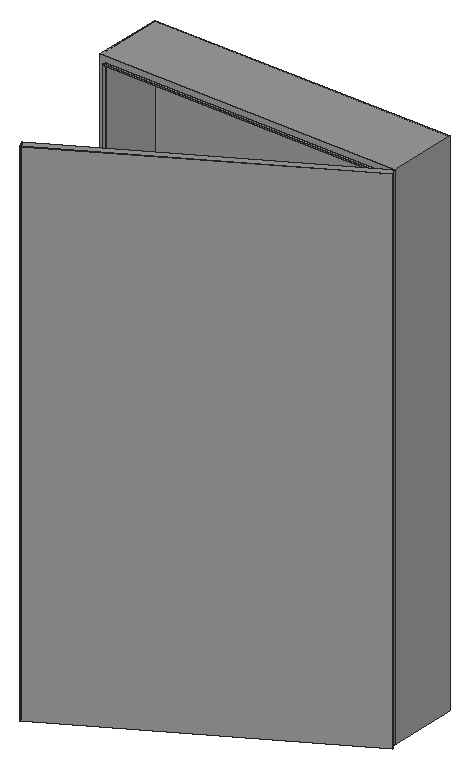
Revit family "Hager-Univers-IP44-D205-H1400-Cl.II-Encl-NoHosted-PL-pl", category Electrical Equipment, Revit 2020
Family settings
  Panel Configuration = Two Columns, Circuits Across
  Round Connector Dimension = Use Diameter
  Part Type = Panelboard
  Work Plane-Based = Yes
  Always vertical = Yes
  Cut with Voids When Loaded = No
  Shared = No
  Room Calculation Point = No
Parameters (values of type "Montaż natynkowy IP44 S800 W1400 G205  - FP93SN2")
  Width Control [instance] = if([EF000008 - Szerokość] > Min Width, [EF000008 - Szerokość], Min Width)  # 800 mm
  Type Comments = [HG000003 - Zakres]  # "Univers"
  Thickness Door [instance] = if([EF009171 - Drzwi/pokrywa z materiału o wysokiej wytrzymałości mechanicznej] > 3 mm, 3 mm, [EF009171 - Drzwi/pokrywa z materiału o wysokiej wytrzymałości mechanicznej])  # 1 mm
  Seal Frame Offset [instance] = 17 mm  # constant formula
  Plinth Visibility [instance] = [HG000027 - Wysokość cokołu] > 0 mm  # no
  Min Width [instance] = 100 mm  # constant formula
  Min Depth [instance] = (2 * [EF009170 - Obudowa z materiału o wysokiej wytrzymałości mechanicznej]) + 1 mm  # 3 mm
  Min Height [instance] = 100 mm  # constant formula
  Internal Frame Depth [instance] = (Door System Depth * 0.5)  # 9 mm
  Panel Name [instance] = ""  # (empty or 0)
  Model = ""
  HG000027 - Wysokość cokołu = 0 mm
  HG000026 - Stojąca = no
  HG000024 - Wysokość części dolnej = 600 mm
  HG000023 - Obudowa dwusekcyjna = no
  HG000016 - Widoczność drzwi w widoku 3D [instance] = yes
  HG000015 - Przestrzeń robocza - otwarcie drzwi [instance] = no
  HG000014 - Drzwi prawe [instance] = yes
  HG000013 - Drzwi lewe [instance] = not([HG000014 - Drzwi prawe])  # no
  HG000012 - Kąt otwarcia drzwi [instance] = 30.00°
  HG000010 - Drzwi asymetryczne = no
  HG000009 - Drzwi dwuskrzydłowe = no
  HG000006 - Montaż podtynkowy = no
  HG000004 - Referencja producenta = "FP93SN2"
  HG000003 - Zakres = "Univers"
  HG000002 - Z drzwiami lub pokrywą = yes
  Frame Offset Bottom [instance] = 10 mm  # constant formula
  Frame Offset [instance] = 15 mm  # constant formula
  EF015940 - Pokrywa z wyzwalaczem nadciśnieniowym = no
  EF011959 - Stopień ochrony (NEMA) = ""
  EF009554 - Liczba otworów pod flansze = 6
  EF009212 - Wykonanie pokrywy = "EV000116 - Zamknięty"
  EF009171 - Drzwi/pokrywa z materiału o wysokiej wytrzymałości mechanicznej = 1 mm
  EF009170 - Obudowa z materiału o wysokiej wytrzymałości mechanicznej = 1 mm
  EF008873 - Prąd znamionowy (In) = 250 A
  EF007800 - Do ochrony odgromowej = no
  EF006306 - Z zamkiem = no
  EF006244 - Transparentna pokrywa/drzwi = no
  EF005474 - Stopień ochrony (IP) = "EV006418 - IP44"
  EF004464 - Rodzaj drzwi = "EV002646 - Pojedynczy"
  EF004427 - Liczba modułów = 324
  EF004293 - Odporność udarowa = "EV006815 - IK09"
  EF003532 - Do zastosowań zewnętrznych = no
  EF002950 - Szerokość wyrażona liczbą modułów = 36
  EF001613 - Podtrzymanie funkcji = "EV000494 - Brak"
  EF001596 - Materiał obudowy = "EV000179 - Stal"
  EF001131 - Głębokość wewnętrzna = 143 mm
  EF001088 - Możliwość rozbudowy = yes
  EF000437 - Liczba wejść kablowych = 6
  EF000339 - Rodzaj pokrywy = "EV001012 - Pokrywa"
  EF000266 - Liczba rzędów = 9
  EF000218 - Głębokość wbudowania = 205 mm
  EF000118 - Z płytą montażową = no
  EF000116 - Numer RAL = "9010"
  EF000049 - Głębokość = 205 mm
  EF000040 - Wysokość = 1400 mm
  EF000008 - Szerokość = 800 mm
  EF000007 - Kolor = "EV000202 - Biały"
  EF000003 - Sposób montażu = "EV000384 - Montaż natynkowy"
  Door System Leaf Tolerance [instance] = 1.5 mm  # constant formula
  Door System Depth [instance] = 18 mm  # constant formula
  Door Height [instance] = Height Control - [HG000027 - Wysokość cokołu]  # 1400 mm
  Description = ""
  Default Elevation = 1219.2 mm
  Connector Offset [instance] = Height Control / 2  # 700 mm
  Manufacturer = "Hager"  # constant formula
  Height Control [instance] = if([EF000040 - Wysokość] > Min Height, [EF000040 - Wysokość], Min Height)  # 1400 mm
  Depth Control [instance] = if([EF000049 - Głębokość] > Min Depth, [EF000049 - Głębokość], Min Depth)  # 205 mm
  Bottom Top Plate Trim [instance] = 1.5 mm  # constant formula
  Plinth height Ctrl [instance] = if([HG000027 - Wysokość cokołu] > 0 mm, [HG000027 - Wysokość cokołu], 12 mm)  # 12 mm
Types (5, lengths in mm): name | Width Control | HG000010 - Drzwi asymetryczne | HG000009 - Drzwi dwuskrzydłowe | HG000004 - Referencja producenta | EF009554 - Liczba otworów pod flansze | EF004464 - Rodzaj drzwi | EF004427 - Liczba modułów | EF002950 - Szerokość wyrażona liczbą modułów | EF001131 - Głębokość wewnętrzna | EF000437 - Liczba wejść kablowych | EF000339 - Rodzaj pokrywy | EF000008 - Szerokość
  Montaż natynkowy IP44 S1050 W1400 G205  - FP94SN2 | 1050 | no | yes | "FP94SN2" | 8 | "EV003602 - Podwójny" | 432 | 48 | 143 | 8 | "EV001012 - Pokrywa" | 1050
  Montaż natynkowy IP44 S1300 W1400 G205  - FP95SN2 | 1300 | yes | yes | "FP95SN2" | 10 | "EV003602 - Podwójny" | 540 | 60 | 130 | 10 | "EV004216 - Drzwi" | 1300
  Montaż natynkowy IP44 S300 W1400 G205  - FP91SN2 | 300 | no | no | "FP91SN2" | 2 | "EV002646 - Pojedynczy" | 108 | 12 | 143 | 2 | "EV001012 - Pokrywa" | 300
  Montaż natynkowy IP44 S550 W1400 G205  - FP92SN2 | 550 | no | no | "FP92SN2" | 4 | "EV002646 - Pojedynczy" | 216 | 24 | 143 | 4 | "EV001012 - Pokrywa" | 550
  Montaż natynkowy IP44 S800 W1400 G205  - FP93SN2 | 800 | no | no | "FP93SN2" | 6 | "EV002646 - Pojedynczy" | 324 | 36 | 143 | 6 | "EV001012 - Pokrywa" | 800
Reference planes
  plane 1 "Center (Front/Back)": y = 0
  plane 2: z = 0
  plane 3 "Center (Left/Right)": x = 0
  plane 4: y = 0
  plane 5: y = 0
  plane 6: z = 0
  plane 7: x = -400
  plane 8: x = 400
  plane 9: x = 399
  plane 10: x = -399
  plane 11: z = 0
  plane 12: z = 1
  plane 13: y = -205
  plane 14: y = -1
  plane 15: x = 0
  plane 16: y = -187
  plane 17: y = -204
  plane 18: y = -186
  plane 19: x = -384
  plane 20: x = 384
  plane 21: z = 11
  plane 22: x = -383
  plane 23: x = 383
  plane 24: z = 0
  plane 25: z = 1400
  plane 26: z = 1400
  plane 27: z = 1384
  plane 28: z = 1399
Forms (mm)
  Extrusion 1, solid, material "Hager_Steel_RAL7035_Light_Grey", detail levels medium+fine
    sketch origin (-208.679, -4572, 0) x (-1, 0, 0) y (0, -1, 0)
      loop
        line (191.321, -4385) -> (-608.679, -4385) -> (-608.679, -4572) -> (191.321, -4572) -> (191.321, -4385)
    from 0 to 1400
  Extrusion 2, void
    sketch origin (-350.771, -205, 1219.2) x (1, 0, 0) y (0, 0, 1)
      loop
        line (-48.229, 179.8) -> (-48.229, -1218.2) -> (749.771, -1218.2) -> (749.771, 179.8) -> (-48.229, 179.8)
    from -19 to -204
  Extrusion 3, void
    sketch origin (-290.084, -187, 1219.2) x (1, 0, 0) y (0, 0, 1)
      loop
        line (-93.916, -1208.2) -> (674.084, -1208.2) -> (674.084, 164.8) -> (-93.916, 164.8) -> (-93.916, -1208.2)
    from 0 to -1
  Extrusion 4, solid, material "Hager_Steel_RAL7035_Light_Grey", visible <- "Plinth Visibility", detail levels medium+fine
    sketch origin (0, 0, 0) x (1, 0, 0) y (0, 1, 0)
      loop
        line (-400, 0) -> (-400, -187) -> (400, -187) -> (400, 0) -> (-400, 0)
    from 0 to 12 <- "Plinth height Ctrl"
  Extrusion 5, solid, material "Hager_Steel_RAL7035_Light_Grey", detail levels coarse
    sketch origin (0, 0, 0) x (1, 0, 0) y (0, 1, 0)
      loop
        line (-400, 0) -> (-400, -205) -> (400, -205) -> (400, 0) -> (-400, 0)
    from 0 to 1400 <- "Height Control"
  Sweep 6, void
    path in 3D
      loop
        line (-400, -187, 12) -> (400, -187, 12) -> (400, 0, 12) -> (-400, 0, 12) -> (-400, -187, 12)
    profile origin (-400, -93.5, 12) x (1, 0, 0) y (0, 0, 1)
      loop
        line (0, 0) -> (0, -1.5) -> (1.5, -1.5)
        arc (1.5, -1.5) -> (1.061, -0.439) -> (0, 0) r 1.5
  Extrusion 7, solid, material "Hager_Steel_RAL7035_Light_Grey", detail levels fine
    sketch origin (-400, -187, 0) x (1, 0, 0) y (0, 0, 1)
      loop
        line (16, 11) -> (784, 11) -> (784, 1384) -> (16, 1384) -> (16, 11)
      loop
        line (15, 10) -> (785, 10) -> (785, 1385) -> (15, 1385) -> (15, 10)
    from 0 to 9 <- "Internal Frame Depth"
Cuts and joins
  Extrusion 2, Extrusion 3 cuts Extrusion 1
  Sweep 6 cuts Extrusion 4
Lines and regions (mm)
  Masking region 1
    outline origin (0, 0, 0) x (1, 0, 0) y (0, 1, 0)
      loop
        line (-400, 0) -> (-400, -205) -> (400, -205) -> (400, 0) -> (-400, 0)
  Masking region 2, detail levels coarse
    outline origin (-290.084, -187, 1219.2) x (-1, 0, 0) y (0, 0, 1)
      loop
        line (-690.084, -1219.2) -> (109.916, -1219.2) -> (109.916, 180.8) -> (-690.084, 180.8) -> (-690.084, -1219.2)
  Masking region 3, detail levels coarse
    outline origin (0, 0, 0) x (0, 1, 0) y (0, 0, 1)
      loop
        line (0, 0) -> (0, 1400) -> (-205, 1400) -> (-205, 0) -> (0, 0)
  Masking region 4, visible <- "Plinth Visibility", detail levels medium+fine
    outline origin (0, 0, 0) x (0, 1, 0) y (0, 0, 1)
      loop
        line (-1.5, 12) -> (-185.5, 12)
        arc (-185.5, 12) -> (-185.939, 10.939) -> (-187, 10.5) r 1.5
        line (-187, 10.5) -> (-187, 0) -> (0, 0) -> (0, 10.5)
        arc (0, 10.5) -> (-1.061, 10.939) -> (-1.5, 12) r 1.5
  Masking region 5, detail levels medium+fine
    outline origin (0, 0, 594.038) x (0, 1, 0) y (0, 0, 1)
      loop
        line (0, -594.038) -> (0, 805.962) -> (-187, 805.962) -> (-187, -594.038) -> (0, -594.038)
  Masking region 6, detail levels medium+fine
    outline origin (-359.7, -187, 1211.883) x (-1, 0, 0) y (0, 0, 1)
      loop
        line (-759.7, -1211.883) -> (40.3, -1211.883) -> (40.3, 188.117) -> (-759.7, 188.117) -> (-759.7, -1211.883)
  Masking region 7, visible <- "Plinth Visibility", detail levels medium+fine
    outline origin (-320.334, -187, 1041.368) x (-1, 0, 0) y (0, 0, 1)
      loop
        line (-720.334, -1041.368) -> (79.666, -1041.368) -> (79.666, -1030.868)
        arc (79.666, -1030.868) -> (78.606, -1030.429) -> (78.166, -1029.368) r 1.5
        line (78.166, -1029.368) -> (-718.834, -1029.368)
        arc (-718.834, -1029.368) -> (-719.273, -1030.429) -> (-720.334, -1030.868) r 1.5
        line (-720.334, -1030.868) -> (-720.334, -1041.368)
  sketch lines
    curve 1: line (-400, 0, 12) -> (-400, -187, 12)
    curve 2: line (-400, -187, 12) -> (400, -187, 12)
    curve 3: line (400, 0, 12) -> (-400, 0, 12)
    curve 4: line (400, -187, 12) -> (400, 0, 12)
Dimensions and locks
  locked: plane 1 "Center (Front/Back)" to plane 5
  "EF009170 - Obudowa z materiału o wysokiej wytrzymałości mechanicznej": plane 7 to plane 10
  "EF009170 - Obudowa z materiału o wysokiej wytrzymałości mechanicznej": plane 8 to plane 9
  equal spacing: plane 7, plane 3 "Center (Left/Right)", plane 8
  "Width Control": plane 7 to plane 8
  "Depth Control": plane 4 to plane 13
  "EF009170 - Obudowa z materiału o wysokiej wytrzymałości mechanicznej": plane 4 to plane 14
  "Height Control": plane 25 to level
  "HG000027 - Wysokość cokołu": plane 11 to level
  "EF009170 - Obudowa z materiału o wysokiej wytrzymałości mechanicznej": plane 12 to plane 11
  "EF009170 - Obudowa z materiału o wysokiej wytrzymałości mechanicznej": plane 17 to plane 13
  "EF009170 - Obudowa z materiału o wysokiej wytrzymałości mechanicznej": plane 18 to plane 16
  "Frame Offset Bottom": plane 21 to plane 12
  "Frame Offset": plane 10 to plane 19
  "Frame Offset": plane 9 to plane 20
  "Door System Depth": plane 16 to plane 13
  "Seal Frame Offset": plane 7 to plane 22
  "Seal Frame Offset": plane 8 to plane 23
  "EF009170 - Obudowa z materiału o wysokiej wytrzymałości mechanicznej": plane 26 to plane 28
  "Frame Offset": plane 28 to plane 27
  "Connector Offset": plane 2 to connector elem
  "Bottom Top Plate Trim": profile plane to Sweep 6 sketch curve
  "Bottom Top Plate Trim": Sweep 6 sketch curve to Sweep 6 sketch curve
  "Plinth height Ctrl": Masking region 4 sketch curve to level
  "Plinth height Ctrl": Masking region 7 sketch curve to level
  "Thickness Door": Extrusion 7 sketch curve to Extrusion 7 sketch curve  (x4)
  "Bottom Top Plate Trim": radius of Sweep 6 sketch curve
  "Bottom Top Plate Trim": radius of Masking region 4 sketch curve  (x2)
  "Bottom Top Plate Trim": radius of Masking region 7 sketch curve  (x2)
  aligned and locked: Extrusion 2 sketch curve to plane 12
  aligned and locked: Extrusion 2 sketch curve to plane 9
  aligned and locked: Extrusion 2 sketch curve to plane 10
  aligned and locked: Extrusion 2 to plane 14
  aligned and locked: Extrusion 1 sketch curve to plane 4
  aligned and locked: plane 8 to Extrusion 1 sketch curve
  aligned and locked: plane 7 to Extrusion 1 sketch curve
  aligned and locked: Extrusion 2 to plane 18
  aligned and locked: Extrusion 3 sketch curve to plane 19
  aligned and locked: plane 20 to Extrusion 3 sketch curve
  aligned and locked: Extrusion 3 to Extrusion 2
  aligned and locked: Extrusion 3 sketch curve to plane 21
  aligned and locked: plane 3 "Center (Left/Right)" to nested 1
  aligned and locked: Extrusion 1 sketch curve to plane 16
  aligned and locked: Extrusion 4 sketch curve to cut or joined group of Extrusion 1, Extrusion 2, Extrusion 3
  aligned and locked: Masking region 1 sketch curve to plane 7
  aligned and locked: Masking region 1 sketch curve to plane 5
  aligned and locked: Masking region 1 sketch curve to plane 8
  aligned and locked: Masking region 2 sketch curve to level
  aligned and locked: level to Masking region 3 sketch curve
  aligned and locked: plane 1 "Center (Front/Back)" to Masking region 3 sketch curve
  aligned and locked: plane 13 to Masking region 3 sketch curve
  aligned and locked: plane 5 to Masking region 4 sketch curve
  aligned and locked: Masking region 2 sketch curve to plane 8
  aligned and locked: Masking region 2 sketch curve to plane 7
  aligned and locked: plane 7 to nested 2
  aligned and locked: nested 2 to plane 5
  aligned and locked: plane 5 to Masking region 5 sketch curve
  aligned and locked: plane 26 to Masking region 5 sketch curve
  aligned and locked: Extrusion 5 sketch curve to plane 8
  aligned and locked: Extrusion 5 sketch curve to plane 7
  aligned and locked: Extrusion 5 sketch curve to plane 5
  aligned and locked: Extrusion 3 sketch curve to plane 27
  aligned and locked: Extrusion 2 sketch curve to plane 28
  aligned and locked: Masking region 2 to plane 25
  aligned and locked: Extrusion 4 to plane 16
  aligned and locked: profile plane to Sweep 6 sketch curve
  aligned and locked: Masking region 5 sketch curve to plane 24
  aligned and locked: level to Masking region 4 sketch curve
  aligned and locked: Masking region 1 to plane 13
  aligned and locked: nested 1 to plane 16
  aligned and locked: Masking region 3 to plane 25
  aligned and locked: plane 16 to Masking region 4 sketch curve
  aligned and locked: Masking region 5 sketch curve to plane 16
  aligned and locked: plane 24 to plane 11
  aligned and locked: plane 26 to plane 25
  aligned and locked: plane 26 to cut or joined group of Extrusion 1, Extrusion 2, Extrusion 3
  aligned and locked: nested 1 to plane 24
  aligned and locked: Extrusion 1 to Extrusion 3
  aligned and locked: Masking region 6 sketch curve to plane 8
  aligned and locked: Masking region 6 sketch curve to plane 24
  aligned and locked: Masking region 6 sketch curve to plane 7
  aligned and locked: Masking region 6 sketch curve to plane 26
  aligned and locked: Masking region 7 sketch curve to plane 7
  aligned and locked: level to Masking region 7 sketch curve
  aligned and locked: Masking region 7 sketch curve to plane 8
  aligned and locked: Extrusion 7 sketch curve to cut or joined group of Extrusion 1, Extrusion 2, Extrusion 3  (x4)
Automatic sketch dimensions
  plane 19 to Extrusion 3 sketch curve = 0 mm
  Extrusion 3 sketch curve to plane 20 = 0 mm
  Extrusion 3 sketch curve to plane 21 = 0 mm
  Extrusion 4 sketch curve to plane 7 = 0 mm
  Extrusion 4 sketch curve to plane 8 = 0 mm
  Extrusion 4 sketch curve to plane 16 = 0 mm
  Masking region 1 sketch curve to plane 13 = 0 mm
  Masking region 2 sketch curve to plane 25 = 0 mm
  Masking region 3 sketch curve to plane 25 = 0 mm
  Extrusion 5 sketch curve to plane 13 = 0 mm
  profile plane to Sweep 6 sketch curve = 0 mm
Nested families
  nested 1: "EC000058_Univers_Door" at (0, -187, 0), Double <- "HG000009 - Drzwi dwuskrzydłowe", Transparent <- "EF006244 - Transparentna pokrywa/drzwi", Angle <- "HG000012 - Kąt otwarcia drzwi", Door_Right <- "HG000014 - Drzwi prawe", Assymetrical <- "HG000010 - Drzwi asymetryczne", Door <- "HG000002 - Z drzwiami lub pokrywą", Width_Ctrl <- "Width Control", 3d_Door <- "HG000016 - Widoczność drzwi w widoku 3D", Clearance <- "HG000015 - Przestrzeń robocza - otwarcie drzwi", Door_Left <- "HG000013 - Drzwi lewe", Width <- "Width Control", Door_Depth <- "Door System Depth", Leaf_Tolerance <- "Door System Leaf Tolerance", Height <- "Door Height", Lock_Visibility <- "EF006306 - Z zamkiem", Thickness <- "Thickness Door", type "EC000058_Univers_Door", detail levels medium+fine
    with min_wh 3 mm, Width_Ctrl 800 mm, Width 800 mm, Transparent no, Thickness 1 mm, Seal_Material Hager_Rubber, Lock_Visibility no, Lock_Material Hager_Plastic_RAL9005_Jet_Black, Leaf_Width 800 mm, Leaf_Tolerance_External_Sides 0 mm, Leaf_Tolerance 1.5 mm, Leaf_Offset 0 mm, Leaf_Height 1397 mm, Leaf_2_Width 800 mm, Leaf_2_Offset 400 mm, Leaf_1_Width 800 mm, Leaf_1_Offset 400 mm, Height_Ctrl 1400 mm, Height 1400 mm, Glass_Material Hager_Glass, Double_Clearance_Ctrl no, Double no, Door_Right_Ctrl yes, Door_Right yes, Door_Material Hager_Steel_RAL7035_Light_Grey, Door_Left_Ctrl no, Door_Left no, Door_Depth 18 mm, Door yes, Clearance_Material Hager_Clearance, Clearance_Depth 800 mm, Clearance_Ctrl no, Clearance no, Assymetrical no, Angle 30.00°, 3d_Door yes
  nested 2: "Hager_Enclosure_Symbol" at (-400, 0, 0), Height <- "Depth Control", Width <- "Width Control", type "Hager_Enclosure_Symbol"
    with Width_Ctrl 800 mm, Width 800 mm, Height_Ctrl 205 mm, Height 205 mm, A_Width_Int 13.453 mm, A_Width 161.438 mm, A_Height_Ctrl 179.375 mm, A_Height 179.375 mm
Connectors
  electrical at (0, 0, 700)
    settings: on plane 1 "Center (Front/Back)", index 1, voltage 0 V, apparent load 0 VA, apparent load phase1 0 VA, apparent load phase2 0 VA, apparent load phase3 0 VA, power factor 1, load classification "Other", number of poles 1, system type 30, power factor state 1, is connector primary yes, connector utility no, sub classification motor no, connector description ""
Definition of nested family "EC000058_Univers_Door"
  Parameters (values of type "EC000058_Univers_Door")
    min_wh [instance] = (2 * Thickness) + 1 mm  # 11 mm
    Width_Ctrl [instance] = 400 mm
    Width [instance] = 500 mm
    Transparent [instance] = yes
    Thickness [instance] = 5 mm
    Seal_Material [instance] = none
    Lock_Visibility [instance] = yes
    Lock_Material [instance] = none
    Leaf_Width [instance] = if((Width_Ctrl - 2 * Leaf_Tolerance_External_Sides) > 0 mm, (Width_Ctrl - 2 * Leaf_Tolerance_External_Sides), min_wh)  # 400 mm
    Leaf_Tolerance_External_Sides [instance] = 0 mm  # constant formula
    Leaf_Tolerance [instance] = 1.5 mm
    Leaf_Offset [instance] = 0 mm  # constant formula
    Leaf_Height [instance] = if((Height_Ctrl - 2 * Leaf_Tolerance) > 0 mm, (Height_Ctrl - 2 * Leaf_Tolerance), min_wh)  # 497 mm
    Leaf_2_Width [instance] = if(and(and(Double, Assymetrical), Door_Left), (Leaf_Width / 3) - (Leaf_Tolerance / 2), if(and(and(Double, Assymetrical), Door_Right), (Leaf_Width / 3) * 2 - (Leaf_Tolerance / 2), if(and(Double, not(Assymetrical)), (Leaf_Width / 2) - Leaf_Tolerance, Leaf_Width)))  # 400 mm
    Leaf_2_Offset [instance] = if(and(Double, Assymetrical), Leaf_2_Width / 2, if(and(Double, not(Assymetrical)), Leaf_Width / 4, Leaf_Width / 2))  # 200 mm
    Leaf_1_Width [instance] = if(and(and(Double, Assymetrical), Door_Right), (Leaf_Width / 3) - (Leaf_Tolerance / 2), if(and(and(Double, Assymetrical), Door_Left), (Width / 3) * 2 - (Leaf_Tolerance / 2), if(and(Double, not(Assymetrical)), (Leaf_Width / 2) - Leaf_Tolerance, Leaf_Width)))  # 400 mm
    Leaf_1_Offset [instance] = if(and(Double, Assymetrical), Leaf_1_Width / 2, if(and(Double, not(Assymetrical)), Leaf_Width / 4, Leaf_Width / 2))  # 200 mm
    Height_Ctrl [instance] = if(Height > min_wh, Height, min_wh)  # 500 mm
    Height [instance] = 500 mm
    Glass_Material [instance] = none
    Double_Clearance_Ctrl [instance] = and(Double, Clearance)  # no
    Double [instance] = no
    Door_Right_Ctrl [instance] = and(or(Door_Right, Double), Door)  # yes
    Door_Right [instance] = yes
    Door_Material [instance] = none
    Door_Left_Ctrl [instance] = and(or(Door_Left, Double), Door)  # no
    Door_Left [instance] = no
    Door_Depth [instance] = 30 mm
    Door [instance] = yes
    Default Elevation = 1219.2 mm
    Clearance_Material [instance] = none
    Clearance_Depth [instance] = if(Leaf_1_Width > Leaf_2_Width, Leaf_1_Width, Leaf_2_Width)  # 400 mm
    Clearance_Ctrl [instance] = and(not(Double), Clearance)  # yes
    Clearance [instance] = yes
    Assymetrical [instance] = yes
    Angle [instance] = 30.00°
    3d_Door [instance] = yes
  Reference planes
    plane 1 "Center (Front/Back)": y = 0
    plane 2 "Bottom": z = 0
    plane 3 "Center (Left/Right)": x = 0
    plane 4: z = 500
    plane 5: x = -200
    plane 6: x = 200
    plane 7: z = 500
    plane 8: x = -200
    plane 9: z = 0
    plane 10: x = 200
    plane 11: y = 0
    plane 12: z = 1.5
    plane 13: x = -600
    plane 14: y = -400
    plane 15: x = 600
    plane 16: x = 0
    plane 17: x = 0
    plane 18: x = -200
    plane 19: x = 200
    plane 20: z = 498.5
  Forms (mm)
    Extrusion 1, solid, material <- "Clearance_Material", visible <- "Double_Clearance_Ctrl"
      sketch origin (1200, 0, 0) x (1, 0, 0) y (0, 0, -1)
        loop
          line (-1800, -498.5) -> (-600, -498.5) -> (-600, 0) -> (-1800, 0) -> (-1800, -498.5)
      from 0 to -400
  Dimensions and locks
    equal spacing: plane 5, plane 3 "Center (Left/Right)", plane 6
    "Width_Ctrl": plane 5 to plane 6
    "Leaf_Offset": plane 5 to plane 8
    "Leaf_Offset": plane 6 to plane 10
    "Leaf_Offset": plane 9 to level
    "Leaf_Offset": plane 4 to plane 7
    "Height_Ctrl": plane 4 to level
    "Leaf_Tolerance": plane 12 to plane 9
    locked: plane 11 to plane 1 "Center (Front/Back)"
    "Leaf_1_Offset": plane 18 to plane 16
    "Leaf_2_Offset": plane 17 to plane 19
    "Leaf_1_Width": plane 13 to plane 8
    "Leaf_2_Width": plane 10 to plane 15
    "Clearance_Depth": plane 14 to plane 1 "Center (Front/Back)"
    "Leaf_Tolerance_External_Sides": plane 8 to plane 18
    "Leaf_Tolerance_External_Sides": plane 19 to plane 10
    "Leaf_Tolerance": plane 7 to plane 20
    aligned and locked: level to plane 2 "Bottom"
    aligned and locked: nested 1 to plane 16
    aligned and locked: nested 2 to plane 17
    aligned and locked: Extrusion 1 to plane 13
    aligned and locked: plane 15 to Extrusion 1
    aligned and locked: Extrusion 1 to plane 14
    aligned and locked: plane 12 to nested 1
    aligned and locked: nested 2 to plane 12
    aligned and locked: Extrusion 1 to plane 11
    aligned and locked: plane 20 to Extrusion 1
    aligned and locked: nested 2 to plane 11
    aligned and locked: nested 1 to plane 11
  Automatic sketch dimensions
    Extrusion 1 sketch curve to level = 0 mm
    plane 5 to Extrusion 1 sketch curve = 400 mm
    plane 6 to Extrusion 1 sketch curve = 400 mm
    Extrusion 1 sketch curve to plane 4 = 1.5 mm
  Nested families
    nested 1: "EC000058_Univers_Door_Leaf" at (0, 0, 1.5), Width <- "Leaf_1_Width", visible <- "Door_Left_Ctrl", Leaf_Height <- "Leaf_Height", Angle <- "Angle", 3d_Door <- "3d_Door", Transparent <- "Transparent", Clearance Material <- "Clearance_Material", Clearance <- "Clearance_Ctrl", Door_Material <- "Door_Material", Glass_Material <- "Glass_Material", Door_Depth <- "Door_Depth", Lock_Material <- "Lock_Material", Seal_Material <- "Seal_Material", Lock_Visibility <- "Lock_Visibility", Thickness <- "Thickness", type "EC000058_Univers_Door_Leaf"
      with Width 400 mm, Transparent_Glass_Offset 30 mm, Transparent_Ctrl yes, Transparent yes, Thickness 5 mm, Standard no, Seal_Material none, Seal_D2 8 mm, Seal_D1 1 mm, Offset_Internal_Frame 10 mm, Lock_Width 20 mm, Lock_Visibility_3d yes, Lock_Visibility yes, Lock_Thickness_3 3 mm, Lock_Thickness_2 1 mm, Lock_Thickness_1 3 mm, Lock_Radius_Offset_2 16 mm, Lock_Radius_Offset_1 15 mm, Lock_Radius_2 5 mm, Lock_Radius 6 mm, Lock_Offset 5 mm, Lock_Material none, Lock_Height 80 mm, Lock_Cover_Top_Offset_2d 17 mm, Lock_Cover_Height -65 mm, Leaf_Height 497 mm, Internal_Seal_Thickness 8 mm, Internal_Seal_Depth_2 4.5 mm, Internal_Frame_Depth 25 mm, Glass_Thickness -1 mm, Glass_Offset -2 mm, Glass_Material none, Door_Material none, Door_Depth 30 mm, Clearance Material none, Clearance yes, Angle_Ctrl 30.00°, Angle 30.00°, 3d_Door yes
    nested 2: "EC000058_Univers_Door_Leaf" at (0, 0, 1.5) x (-1, 0, 0) z (0, 0, 1), Width <- "Leaf_2_Width", visible <- "Door_Right_Ctrl", Leaf_Height <- "Leaf_Height", Angle <- "Angle", 3d_Door <- "3d_Door", Transparent <- "Transparent", Clearance Material <- "Clearance_Material", Clearance <- "Clearance_Ctrl", Door_Material <- "Door_Material", Glass_Material <- "Glass_Material", Door_Depth <- "Door_Depth", Lock_Material <- "Lock_Material", Seal_Material <- "Seal_Material", Lock_Visibility <- "Lock_Visibility", Thickness <- "Thickness", type "EC000058_Univers_Door_Leaf"
      with Width 400 mm, Transparent_Glass_Offset 30 mm, Transparent_Ctrl yes, Transparent yes, Thickness 5 mm, Standard no, Seal_Material none, Seal_D2 8 mm, Seal_D1 1 mm, Offset_Internal_Frame 10 mm, Lock_Width 20 mm, Lock_Visibility_3d yes, Lock_Visibility yes, Lock_Thickness_3 3 mm, Lock_Thickness_2 1 mm, Lock_Thickness_1 3 mm, Lock_Radius_Offset_2 16 mm, Lock_Radius_Offset_1 15 mm, Lock_Radius_2 5 mm, Lock_Radius 6 mm, Lock_Offset 5 mm, Lock_Material none, Lock_Height 80 mm, Lock_Cover_Top_Offset_2d 17 mm, Lock_Cover_Height -65 mm, Leaf_Height 497 mm, Internal_Seal_Thickness 8 mm, Internal_Seal_Depth_2 4.5 mm, Internal_Frame_Depth 25 mm, Glass_Thickness -1 mm, Glass_Offset -2 mm, Glass_Material none, Door_Material none, Door_Depth 30 mm, Clearance Material none, Clearance yes, Angle_Ctrl 30.00°, Angle 30.00°, 3d_Door yes
  Definition of nested family "EC000058_Univers_Door_Leaf"
    Parameters (values of type "EC000058_Univers_Door_Leaf")
      Width [instance] = 2000 mm
      Transparent_Glass_Offset [instance] = 30 mm
      Transparent_Ctrl [instance] = and(Transparent, [3d_Door])  # yes
      Transparent [instance] = yes
      Thickness [instance] = 5 mm
      Standard [instance] = and(not(Transparent), [3d_Door])  # no
      Seal_Material [instance] = none
      Seal_D2 [instance] = 8 mm  # constant formula
      Seal_D1 [instance] = 1 mm  # constant formula
      Offset_Internal_Frame [instance] = 10 mm  # constant formula
      Lock_Width [instance] = 20 mm  # constant formula
      Lock_Visibility_3d [instance] = and(Lock_Visibility, [3d_Door])  # yes
      Lock_Visibility [instance] = yes
      Lock_Thickness_3 [instance] = 3 mm  # constant formula
      Lock_Thickness_2 [instance] = 1 mm  # constant formula
      Lock_Thickness_1 [instance] = 3 mm  # constant formula
      Lock_Radius_Offset_2 [instance] = Lock_Radius_Offset_1 + 1 mm  # 16 mm
      Lock_Radius_Offset_1 [instance] = 15 mm  # constant formula
      Lock_Radius_2 [instance] = Lock_Radius - 1 mm  # 5 mm
      Lock_Radius [instance] = 6 mm  # constant formula
      Lock_Offset [instance] = 5 mm  # constant formula
      Lock_Material [instance] = none
      Lock_Height [instance] = 80 mm  # constant formula
      Lock_Cover_Top_Offset_2d [instance] = Lock_Radius_Offset_2 + 1 mm  # 17 mm
      Lock_Cover_Height [instance] = -(Lock_Height - Lock_Radius_Offset_1)  # -65 mm
      Leaf_Height [instance] = 2720.336 mm
      Internal_Seal_Thickness [instance] = 8 mm  # constant formula
      Internal_Seal_Depth_2 [instance] = 4.5 mm  # constant formula
      Internal_Frame_Depth [instance] = if(Door_Depth - Thickness > 5 mm, Door_Depth - Thickness, 5 mm)  # 25 mm
      Glass_Thickness [instance] = if(Thickness > 15 mm, Glass_Offset + 10 mm, -1 mm)  # -1 mm
      Glass_Offset [instance] = if(Thickness > 15 mm, -(Thickness + 10 mm) / 2, -2 mm)  # -2 mm
      Glass_Material [instance] = none
      Door_Material [instance] = none
      Door_Depth [instance] = 30 mm
      Default Elevation = 0 mm
      Clearance Material [instance] = none
      Clearance [instance] = yes
      Angle_Ctrl [instance] = if(Angle > 180.00°, 180.00°, Angle)  # 90.00°
      Angle [instance] = 90.00°
      3d_Door [instance] = yes
    Reference planes
      plane 1 "Center (Front/Back)": y = 0
      plane 2: z = 0
      plane 3 "Center (Left/Right)": x = 0
      plane 4: y = 2000
      plane 5: x = -1000
      plane 6: x = 1000
      plane 7: x = -3000
      plane 8: z = 2720.336
      plane 9: z = 30
      plane 10: z = 2690.336
      plane 11: x = 970
      plane 12: x = -970
      plane 13: y = -3
      plane 14: z = 107.833
      plane 15: y = -5
      plane 16: y = -223.314
      plane 17: x = -1000
      plane 18: z = 1360.168
      plane 19: y = 30
    Forms (mm)
      Extrusion 1, solid, material <- "Clearance Material", visible <- "Clearance"
        sketch origin (0, 0, 0) x (1, 0, 0) y (0, 0, 1)
          loop
            line (-3000, 2720.336) -> (-3000, 0) -> (1000, 0) -> (1000, 2720.336) -> (-3000, 2720.336)
        from 0 to -2000
      Extrusion 2, solid, material <- "Door_Material", visible <- "Standard", detail levels medium+fine
        sketch origin (-1000, 0, 0) x (0, 1, 0) y (-1, 0, 0)
          loop
            line (0, 30) -> (0, 25) -> (2000, 25) -> (2000, 30) -> (0, 30)
        from 0 to 2720.336 <- "Leaf_Height"
      Extrusion 3, solid, material <- "Door_Material", visible <- "Transparent_Ctrl", detail levels medium+fine
        sketch origin (-1000, 0, 0) x (0, 1, 0) y (-1, 0, 0)
          loop
            line (0, 25) -> (2000, 25) -> (2000, 30) -> (0, 30) -> (0, 25)
        from 0 to 2720.336 <- "Leaf_Height"
      Extrusion 4, void
        sketch origin (-1025, 2000, 0) x (0, 1, 0) y (0, 0, -1)
          loop
            line (-30, -2690.336) -> (-30, -30) -> (-1970, -30) -> (-1970, -2690.336) -> (-30, -2690.336)
        from 0 to 5 <- "Thickness"
      Sweep 5, solid, material <- "Seal_Material", visible <- "Transparent_Ctrl", detail levels fine
        path in 3D
          loop
            line (-1025, 30, 30) -> (-1025, 30, 2690.336) -> (-1025, 1970, 2690.336) -> (-1025, 1970, 30) -> (-1025, 30, 30)
        profile origin (-1025, 1000, 30) x (1, 0, 0) y (0, 0, 1)
          loop
            line (0, 0) -> (0, -8) -> (1, -8) -> (1, 0) -> (0, 0)
      Extrusion 6, solid, material <- "Glass_Material", visible <- "Transparent_Ctrl", detail levels medium+fine
        sketch origin (-1030, 0, 0) x (0, 1, 0) y (0, 0, -1)
          loop
            line (1970, -2690.336) -> (1970, -30) -> (30, -30) -> (30, -2690.336) -> (1970, -2690.336)
        from -2 <- "Glass_Offset" to -1 <- "Glass_Thickness"
      Extrusion 7, solid, material <- "Door_Material", visible <- "3d_Door", detail levels medium+fine
        sketch origin (-1025, 2000, 0) x (0, -1, 0) y (0, 0, -1)
          loop
            line (0, -2720.336) -> (2000, -2720.336) -> (2000, 0) -> (0, 0) -> (0, -2720.336)
          loop
            line (1995, -5) -> (5, -5) -> (5, -2715.336) -> (1995, -2715.336) -> (1995, -5)
        from 0 to 25 <- "Internal_Frame_Depth"
      Sweep 8, solid, material <- "Seal_Material", visible <- "Transparent_Ctrl", detail levels fine
        path in 3D
          loop
            line (-1025, 0, 0) -> (-1025, 2000, 0) -> (-1025, 2000, 2720.336) -> (-1025, 0, 2720.336) -> (-1025, 0, 0)
        profile origin (-1025, 0, 1360.168) x (1, 0, 0) y (0, 1, 0)
          loop
            line (0, 10) -> (2.975, 10)
            arc (2.975, 10) -> (4.053, 10.447) -> (4.5, 11.525) r 1.525
            line (4.5, 11.525) -> (4.5, 16.527)
            arc (4.5, 16.527) -> (4.069, 17.569) -> (3.027, 18) r 1.473
            line (3.027, 18) -> (0, 18) -> (0, 10)
      Extrusion 9, solid, material <- "Lock_Material", visible <- "Lock_Visibility_3d", detail levels fine
        sketch origin (-1030, 0, 0) x (0, 1, 0) y (0, 0, -1)
          loop
            arc (1993.5, -1400.168) -> (1994.561, -1399.729) -> (1995, -1398.668) r 1.5
            line (1995, -1398.668) -> (1995, -1320.168) -> (1975, -1320.168) -> (1975, -1398.668)
            arc (1975, -1398.668) -> (1975.439, -1399.729) -> (1976.5, -1400.168) r 1.5
            line (1976.5, -1400.168) -> (1993.5, -1400.168)
        from 3 <- "Lock_Thickness_1" to 0
      Blend 10, solid, material <- "Lock_Material", visible <- "Lock_Visibility_3d", detail levels fine
        base sketch origin (-1033, 0, 0) x (0, 1, 0) y (0, 0, -1)
          loop
            line (1975, -1320.168) -> (1975, -1398.668)
            arc (1975, -1398.668) -> (1975.439, -1399.729) -> (1976.5, -1400.168) r 1.5
            line (1976.5, -1400.168) -> (1993.5, -1400.168)
            arc (1993.5, -1400.168) -> (1994.561, -1399.729) -> (1995, -1398.668) r 1.5
            line (1995, -1398.668) -> (1995, -1320.168) -> (1975, -1320.168)
        top sketch origin (-1033, 0, 0) x (0, 1, 0) y (0, 0, -1)
          loop
            line (1976, -1320.168) -> (1976, -1398.668)
            arc (1976, -1398.668) -> (1976.146, -1399.022) -> (1976.5, -1399.168) r 0.5
            line (1976.5, -1399.168) -> (1993.5, -1399.168)
            arc (1993.5, -1399.168) -> (1993.854, -1399.022) -> (1994, -1398.668) r 0.5
            line (1994, -1398.668) -> (1994, -1320.168) -> (1976, -1320.168)
        from 0 to 1 <- "Lock_Thickness_2"
      Blend 11, solid, material <- "Lock_Material", visible <- "Lock_Visibility_3d", detail levels fine
        base sketch origin (-1034, 0, 0) x (0, 1, 0) y (0, 0, -1)
          loop
            line (1978, -1320.168) -> (1978, -1384.168)
            arc (1978, -1384.168) -> (1985, -1391.168) -> (1992, -1384.168) r 7
            line (1992, -1384.168) -> (1992, -1320.168) -> (1978, -1320.168)
        top sketch origin (-1034, 0, 0) x (0, 1, 0) y (0, 0, -1)
          loop
            line (1991, -1320.168) -> (1979, -1320.168) -> (1979, -1383.168)
            arc (1979, -1383.168) -> (1985, -1389.168) -> (1991, -1383.168) r 6
            line (1991, -1383.168) -> (1991, -1320.168)
        from 0 to 3 <- "Lock_Thickness_3"
      Extrusion 12, solid, material <- "Lock_Material", visible <- "Lock_Visibility_3d", detail levels fine
        sketch origin (-1030, 1975, 1320.168) x (1, 0, 0) y (0, -1, 0)
          loop
            line (-7, -19) -> (-7, -1) -> (0, -1) -> (0, 0) -> (-8, 0) -> (-8, -20) -> (0, -20) -> (0, -19) -> (-7, -19)
        from 0 to -65 <- "Lock_Cover_Height"
      Extrusion 13, void
        sketch origin (-1038, 1995, 1320.168) x (-1, 0, 0) y (0, 0, -1)
          loop
            line (-5, -65) -> (0, -65) -> (-5, -60) -> (-5, -65)
        from 0 to 20 <- "Lock_Width"
      Extrusion 14, void
        sketch origin (-1038, 1975, 1320.168) x (0, -1, 0) y (0, 0, -1)
          loop
            circle (-10, -15.995) r 6
          loop
            circle (-10, -15.995) r 5
        from 0 to 2
      Extrusion 15, solid, material <- "Lock_Material", visible <- "Lock_Visibility_3d", detail levels medium
        sketch origin (-1030, 0, 0) x (0, 1, 0) y (0, 0, -1)
          loop
            arc (1993.5, -1400.168) -> (1994.561, -1399.729) -> (1995, -1398.668) r 1.5
            line (1995, -1398.668) -> (1995, -1320.168) -> (1975, -1320.168) -> (1975, -1398.668)
            arc (1975, -1398.668) -> (1975.439, -1399.729) -> (1976.5, -1400.168) r 1.5
            line (1976.5, -1400.168) -> (1993.5, -1400.168)
        from 8 to 0
    Cuts and joins
      Extrusion 4 cuts Extrusion 3
      Extrusion 13, Extrusion 14 cuts Extrusion 9
      Extrusion 14 cuts Blend 11
      Extrusion 13, Extrusion 14 cuts Extrusion 12
      joined: Extrusion 9, Blend 10, Blend 11, Extrusion 12
      Extrusion 14 cuts Extrusion 15
    Lines and regions (mm)
      Masking region 1, visible <- "Lock_Visibility", detail levels fine
        outline origin (0, 0, 0) x (0, 1, 0) y (0, 0, 1)
          loop
            line (30, 1320.168) -> (33, 1320.168) -> (33, 1400.168) -> (30, 1400.168) -> (30, 1320.168)
      Masking region 2, visible <- "Lock_Visibility", detail levels fine
        outline origin (0, 3.143, 0) x (0, 1, 0) y (0, 0, 1)
          loop
            line (29.857, 1354.168) -> (30.857, 1354.168) -> (30.857, 1366.168) -> (29.857, 1366.168) -> (29.857, 1354.168)
      Masking region 3, detail levels medium+fine
        outline origin (0, 0, 0) x (0, 1, 0) y (0, 0, 1)
          loop
            line (0, 0) -> (30, 0) -> (30, 2720.336) -> (0, 2720.336) -> (0, 0)
      Masking region 4, detail levels medium+fine
        outline origin (0, 0, 0) x (1, 0, 0) y (0, 0, 1)
          loop
            line (-1000, 2720.336) -> (-1000, 0) -> (1000, 0) -> (1000, 2720.336) -> (-1000, 2720.336)
      Masking region 5, visible <- "Lock_Visibility", detail levels fine
        outline origin (-47.116, 0, 0) x (1, 0, 0) y (0, 0, 1)
          loop
            arc (1024.616, 1399.168) -> (1023.556, 1398.729) -> (1023.116, 1397.668) r 1.5
            line (1023.116, 1397.668) -> (1023.116, 1320.168) -> (1041.116, 1320.168) -> (1041.116, 1397.668)
            arc (1041.116, 1397.668) -> (1040.677, 1398.729) -> (1039.616, 1399.168) r 1.5
            line (1039.616, 1399.168) -> (1024.616, 1399.168)
      Masking region 6, visible <- "Lock_Visibility", detail levels medium+fine
        outline origin (-25, 0, 0) x (1, 0, 0) y (0, 0, 1)
          loop
            arc (1001.5, 1400.168) -> (1000.439, 1399.729) -> (1000, 1398.668) r 1.5
            line (1000, 1398.668) -> (1000, 1320.168) -> (1020, 1320.168) -> (1020, 1398.668)
            arc (1020, 1398.668) -> (1019.561, 1399.729) -> (1018.5, 1400.168) r 1.5
            line (1018.5, 1400.168) -> (1001.5, 1400.168)
      Masking region 7, visible <- "Lock_Visibility", detail levels fine
        outline origin (-73.735, 0, 0) x (1, 0, 0) y (0, 0, 1)
          loop
            line (1051.735, 1382.168) -> (1065.735, 1382.168) -> (1065.735, 1384.168)
            arc (1065.735, 1384.168) -> (1058.735, 1391.168) -> (1051.735, 1384.168) r 7
            line (1051.735, 1384.168) -> (1051.735, 1382.168)
      Masking region 8, visible <- "Lock_Visibility", detail levels fine
        outline origin (-73.735, 0, 0) x (1, 0, 0) y (0, 0, 1)
          loop
            line (1052.735, 1382.168) -> (1064.735, 1382.168) -> (1064.735, 1383.168)
            arc (1064.735, 1383.168) -> (1058.735, 1389.168) -> (1052.735, 1383.168) r 6
            line (1052.735, 1383.168) -> (1052.735, 1382.168)
      Masking region 9, visible <- "Lock_Visibility", detail levels fine
        outline origin (-25, 0, 0) x (1, 0, 0) y (0, 0, 1)
          loop
            line (1020, 1320.168) -> (1020, 1382.168) -> (1000, 1382.168) -> (1000, 1320.168) -> (1020, 1320.168)
      Masking region 10, detail levels medium+fine
        outline origin (0, 0, 0) x (1, 0, 0) y (0, 0, 1)
          loop
            circle (985, 1335.144) r 6
      Masking region 11, detail levels fine
        outline origin (0, 0, 0) x (1, 0, 0) y (0, 0, 1)
          loop
            circle (985, 1335.144) r 5
      Masking region 12, visible <- "Lock_Visibility", detail levels fine
        outline origin (0, 12.767, 0) x (0, 1, 0) y (0, 0, 1)
          loop
            line (20.233, 1320.168) -> (21.233, 1320.168) -> (21.233, 1399.168) -> (20.233, 1400.168) -> (20.233, 1320.168)
      Masking region 13, visible <- "Lock_Visibility", detail levels fine
        outline origin (0, 13.767, -10) x (0, 1, 0) y (0, 0, 1)
          loop
            line (20.233, 1330.168) -> (23.233, 1330.168) -> (23.233, 1399.168) -> (20.233, 1402.168) -> (20.233, 1330.168)
      Masking region 14, visible <- "Lock_Visibility", detail levels fine
        outline origin (0, 12.767, -10) x (0, 1, 0) y (0, 0, 1)
          loop
            line (20.233, 1330.168) -> (25.233, 1330.168) -> (25.233, 1399.305) -> (20.233, 1394.305) -> (20.233, 1330.168)
      Masking region 15, visible <- "Lock_Visibility", detail levels medium
        outline origin (0, 0, 0) x (0, 1, 0) y (0, 0, 1)
          loop
            line (30, 1320.168) -> (38, 1320.168) -> (38, 1400.168) -> (30, 1400.168) -> (30, 1320.168)
      Masking region 16, visible <- "Lock_Visibility", detail levels fine
        outline origin (-1000, 0, 0) x (0, 1, 0) y (-1, 0, 0)
          loop
            line (1975, 30) -> (1995, 30) -> (1995, 38) -> (1975, 38) -> (1975, 30)
          loop
            line (1979, 37) -> (1976, 37) -> (1976, 34) -> (1978, 34) -> (1979, 37)
          loop
            line (1994, 37) -> (1991, 37) -> (1992, 34) -> (1994, 34) -> (1994, 37)
      Masking region 17, visible <- "Lock_Visibility", detail levels medium
        outline origin (-1000, 0, 0) x (0, 1, 0) y (-1, 0, 0)
          loop
            line (1975, 30) -> (1995, 30) -> (1995, 38) -> (1975, 38) -> (1975, 30)
      symbolic lines
        curve 1: line (1000, 0, 0) -> (-3000, 0, 0)
        curve 2: arc (1000, 0, 0) -> (-1000, 2000, 0) -> (-3000, 0, 0) r 2000
        curve 4: line (-1030, 0, 0) -> (-1030, 2000, 0)
      reference lines
        curve 3: line (-1000, 0, 0) -> (-1000, 2000, 0)
      symbolic lines, detail levels medium+fine
        curve 5: line (-1030, 2000, 0) -> (-1025, 2000, 0)
        curve 7: line (-1025, 0, 0) -> (-1030, 0, 0)
        curve 8: line (-1025, 0, 0) -> (-1000, 0, 0)
        curve 9: line (-1000, 0, 0) -> (-1000, 2000, 0)
        curve 10: line (-1000, 2000, 0) -> (-1025, 2000, 0)
      symbolic lines, detail levels fine
        curve 6: line (-1025, 2000, 0) -> (-1025, 0, 0)
      sketch lines
        curve 11: line (-1025, 0, 2720.336) -> (-1025, 0, 0)
        curve 12: line (-1025, 2000, 0) -> (-1025, 0, 0)
        curve 13: line (-1025, 2000, 2720.336) -> (-1025, 2000, 0)
        curve 14: line (-1025, 0, 2720.336) -> (-1025, 2000, 2720.336)
        curve 15: line (-1025, 1970, 30) -> (-1025, 30, 30)
        curve 16: line (-1025, 30, 30) -> (-1025, 30, 2690.336)
        curve 17: line (-1025, 1970, 2690.336) -> (-1025, 1970, 30)
        curve 18: line (-1025, 30, 2690.336) -> (-1025, 1970, 2690.336)
      symbolic lines, visible <- "Transparent", detail levels medium+fine
        curve 19: line (-970, 0, 2690.336) -> (970, 0, 2690.336)
        curve 20: line (-970, 0, 30) -> (-970, 0, 2690.336)
        curve 21: line (970, 0, 30) -> (-970, 0, 30)
        curve 22: line (970, 0, 2690.336) -> (970, 0, 30)
    Dimensions and locks
      "Width": plane 1 "Center (Front/Back)" to plane 4
      equal spacing: plane 5, plane 3 "Center (Left/Right)", plane 6
      "Width": plane 5 to plane 6
      "Width": plane 7 to plane 5
      "Leaf_Height": plane 8 to level
      "Width": curve 5 to curve 3
      "Width": curve 3 to curve 3
      plane 8 to plane 10 = 30 mm
      plane 9 to level = 30 mm
      plane 12 to plane 5 = 30 mm
      plane 6 to plane 11 = 30 mm
      Extrusion 1 to Extrusion 4 sketch curve = 30 mm
      "Transparent_Glass_Offset": curve 3 to Extrusion 4 sketch curve
      "Transparent_Glass_Offset": Extrusion 4 sketch curve to cut or joined group of Extrusion 3, Extrusion 4  (x2)
      cut or joined group of Extrusion 3, Extrusion 4 to Extrusion 6 sketch curve = 30 mm
      "Transparent_Glass_Offset": cut or joined group of Extrusion 3, Extrusion 4 to Extrusion 4 sketch curve
      "Thickness": curve 6 to curve 4
      "Thickness": Extrusion 7 sketch curve to Extrusion 7 sketch curve  (x4)
      "Door_Depth": curve 4 to curve 3
      "Offset_Internal_Frame": profile plane to Sweep 8 sketch curve
      "Internal_Seal_Thickness": Sweep 8 sketch curve to Sweep 8 sketch curve
      "Internal_Seal_Depth_2": profile plane to Sweep 8 sketch curve
      "Seal_D1": profile plane to Sweep 5 sketch curve
      "Seal_D2": profile plane to Sweep 5 sketch curve
      "Thickness": Extrusion 2 sketch curve to Extrusion 2 sketch curve
      equal spacing: Extrusion 9 sketch curve, plane 18, Extrusion 9 sketch curve  (x2)
      equal spacing: Masking region 1 sketch curve, plane 18, Masking region 1 sketch curve
      "Lock_Height": Masking region 1 sketch curve to Masking region 1 sketch curve
      "Lock_Radius": Masking region 2 sketch curve to plane 18 to Masking region 2 sketch curve
      Masking region 2 sketch curve to Masking region 1 = 1 mm
      "Door_Depth": plane 19 to plane 1 "Center (Front/Back)"
      "Lock_Thickness_1": Masking region 1 sketch curve to plane 19
      "Lock_Width": Extrusion 9 sketch curve to Extrusion 9 sketch curve
      "Lock_Height": Extrusion 9 sketch curve to Extrusion 9 sketch curve
      "Lock_Offset": cut or joined group of Extrusion 3, Extrusion 4 to Extrusion 9 sketch curve
      equal spacing: plane 8, plane 18, level
      "Lock_Radius_Offset_1": Blend 11 sketch curve to Blend 10
      locked: Blend 10 to Blend 11 sketch curve at 2  (x2)
      locked: var sketch to Blend 11 sketch curve at 1  (x2)
      "Lock_Radius_Offset_2": Blend 11 sketch curve to Blend 10
      locked: Extrusion 12 sketch curve to Extrusion 12 sketch curve at 1  (x3)
      Masking region 6 sketch curve to Masking region 6 sketch curve = 80 mm
      "Lock_Height": Masking region 6 sketch curve to Masking region 6 sketch curve
      "Lock_Width": Masking region 6 sketch curve to Masking region 6 sketch curve
      locked: Masking region 6 to Masking region 5 sketch curve at 1  (x3)
      locked: Masking region 5 to Masking region 7 sketch curve at 2  (x2)
      "Lock_Radius_Offset_1": Masking region 5 to Masking region 7 sketch curve
      "Lock_Radius_Offset_2": Masking region 5 to Masking region 8 sketch curve
      locked: Masking region 7 to Masking region 8 sketch curve at 1  (x2)
      "Lock_Cover_Top_Offset_2d": Masking region 5 to Masking region 9 sketch curve
      equal spacing: Masking region 9, Masking region 10 sketch curve, Masking region 9
      equal spacing: Masking region 9, Masking region 11 sketch curve, Masking region 9
      Extrusion 15 sketch curve to Extrusion 15 sketch curve = 80 mm
      "Lock_Width": Extrusion 15 sketch curve to Extrusion 15 sketch curve
      "Lock_Height": Extrusion 15 sketch curve to Extrusion 15 sketch curve
      equal spacing: Extrusion 15 sketch curve, plane 18, Extrusion 15 sketch curve
      "Lock_Thickness_3": Masking region 13 sketch curve to Masking region 13 sketch curve
      "Lock_Height": Masking region 12 sketch curve to Masking region 12 sketch curve
      locked: Masking region 13 sketch curve to Masking region 1 at 8
      locked: Masking region 14 sketch curve to Masking region 13 at 1
      locked: Masking region 14 sketch curve to Masking region 1 at 10.863
      "Lock_Height": Masking region 15 sketch curve to Masking region 15 sketch curve
      "Lock_Offset": Extrusion 15 sketch curve to cut or joined group of Extrusion 3, Extrusion 4
      "Lock_Offset": plane 6 to Masking region 6 sketch curve
      radius of Sweep 8 sketch curve = 1.525 mm
      radius of Sweep 8 sketch curve = 1.473 mm
      radius of Extrusion 9 sketch curve = 1.5 mm  (x2)
      "Lock_Radius": radius of Extrusion 14 sketch curve
      "Lock_Radius_2": radius of Extrusion 14 sketch curve
      "Lock_Radius": radius of Masking region 10 sketch curve
      "Lock_Radius_2": radius of Masking region 11 sketch curve
      radius of Extrusion 15 sketch curve = 1.5 mm  (x2)
      "Angle_Ctrl": angle plane 1 "Center (Front/Back)" to curve 3
      locked: Masking region 12 sketch curve to Masking region 12 sketch curve (angle 45.00°)
      locked: Masking region 13 sketch curve to Masking region 13 sketch curve (angle 45.00°)
      locked: Masking region 14 sketch curve to Masking region 14 sketch curve (angle 45.00°)
      aligned and locked: level to plane 2
      aligned and locked: Extrusion 1 to curve 1
      aligned and locked: plane 6 to Extrusion 1
      aligned and locked: Extrusion 1 to plane 1 "Center (Front/Back)"
      aligned and locked: plane 4 to Extrusion 1
      aligned and locked: plane 8 to Extrusion 1
      aligned and locked: curve 7 to Extrusion 2 sketch curve
      aligned and locked: curve 5 to Extrusion 2 sketch curve
      aligned and locked: curve 7 to Extrusion 3 sketch curve
      aligned and locked: Extrusion 3 sketch curve to curve 4
      aligned and locked: Extrusion 3 sketch curve to curve 6
      aligned and locked: Extrusion 3 sketch curve to curve 5
      aligned and locked: curve 9 to curve 3
      aligned and locked: Extrusion 7 sketch curve to cut or joined group of Extrusion 3, Extrusion 4  (x4)
      aligned and locked: plane 17 to curve 3
      aligned and locked: plane 1 "Center (Front/Back)" to curve 3
      aligned and locked: plane 17 to plane 5
      aligned and locked: Sweep 8 sketch curve to profile plane
      aligned and locked: Sweep 5 sketch curve to profile plane  (x2)
      aligned and locked: Masking region 1 to Masking region 2 sketch curve
      aligned and locked: plane 19 to Masking region 1 sketch curve
      aligned and locked: plane 1 "Center (Front/Back)" to Masking region 3 sketch curve
      aligned and locked: plane 19 to Masking region 3 sketch curve
      aligned and locked: level to Masking region 3 sketch curve
      aligned and locked: Masking region 3 sketch curve to plane 8
      aligned and locked: plane 17 to Masking region 4 sketch curve
      aligned and locked: level to Masking region 4 sketch curve
      aligned and locked: Masking region 4 sketch curve to plane 8
      aligned and locked: plane 12 to curve 20
      aligned and locked: plane 10 to curve 19
      aligned and locked: plane 11 to curve 22
      aligned and locked: curve 21 to plane 9
      aligned and locked: Extrusion 2 sketch curve to cut or joined group of Extrusion 3, Extrusion 4
      aligned and locked: Blend 10 sketch curve to Extrusion 9  (x4)
      aligned and locked: Extrusion 9 to Blend 10 sketch curve
      aligned and locked: Blend 10 to Blend 11 sketch curve
      aligned and locked: Extrusion 12 sketch curve to Blend 11
      aligned and locked: Extrusion 12 sketch curve to Extrusion 9  (x4)
      aligned and locked: Masking region 5 sketch curve to Masking region 6
      aligned and locked: Masking region 9 sketch curve to Masking region 6  (x3)
      aligned and locked: Masking region 12 sketch curve to Masking region 1
      aligned and locked: Masking region 13 sketch curve to Masking region 1
      aligned and locked: Masking region 12 to Masking region 14
      aligned and locked: Masking region 14 sketch curve to Masking region 1
      aligned and locked: Masking region 15 sketch curve to Masking region 14
      aligned and locked: Masking region 13 sketch curve to Masking region 12
      aligned and locked: Masking region 16 sketch curve to cut or joined group of Extrusion 14, Extrusion 15  (x4)
      aligned and locked: Masking region 16 sketch curve to cut or joined group of Extrusion 9, Blend 10, Blend 11, Extrusion 12, Extrusion 13, Extrusion 14  (x6)
      aligned and locked: cut or joined group of Extrusion 9, Blend 10, Blend 11, Extrusion 12, Extrusion 13, Extrusion 14 to Masking region 16 sketch curve
      aligned and locked: Masking region 17 sketch curve to cut or joined group of Extrusion 14, Extrusion 15  (x3)
      aligned and locked: Masking region 17 sketch curve to cut or joined group of Extrusion 9, Blend 10, Blend 11, Extrusion 12, Extrusion 13, Extrusion 14
      aligned and locked: Masking region 9 to Masking region 8 sketch curve
      aligned and locked: Masking region 9 to Masking region 7 sketch curve
    Automatic sketch dimensions
      plane 1 "Center (Front/Back)" to curve 2 = 0 mm
      curve 2 to plane 5 = 0 mm
      Extrusion 1 sketch curve to level = 0 mm
      Extrusion 1 sketch curve to plane 7 = 0 mm
      Extrusion 1 sketch curve to plane 6 = 0 mm
      Extrusion 1 sketch curve to plane 8 = 0 mm
      Extrusion 3 to Extrusion 6 sketch curve = 30 mm  (x4)
      Masking region 4 sketch curve to plane 6 = 0 mm
      Blend 10 sketch curve to Extrusion 9 = 1.5 mm
      Blend 10 sketch curve to Extrusion 9 = 1 mm
      Extrusion 13 sketch curve to Extrusion 12 = 0 mm  (x2)
      Extrusion 12 to Extrusion 13 sketch curve = 3 mm
      Extrusion 13 sketch curve to Extrusion 12 = 5 mm
      Extrusion 14 sketch curve to Extrusion 14 sketch curve = 0 mm  (x2)
      Extrusion 14 sketch curve to Extrusion 12 = 10 mm
      Extrusion 14 sketch curve to Extrusion 12 = 15.995 mm
      Masking region 5 sketch curve to Masking region 5 sketch curve = 1.5 mm  (x2)
      Masking region 10 sketch curve to plane 18 = 25.024 mm
      Masking region 11 sketch curve to plane 18 = 25.024 mm
      plane 19 to Masking region 14 sketch curve = 3 mm
      Masking region 16 sketch curve to Masking region 16 sketch curve = 3 mm
      curve 4 to curve 3 = 0 mm
      Blend 10 to Blend 11 sketch curve = 0 mm
      Masking region 6 sketch curve to Masking region 6 sketch curve = 1.5 mm  (x2)
      Masking region 6 sketch curve to plane 18 = 40 mm
      plane 19 to Masking region 12 sketch curve = 3 mm
      Masking region 12 sketch curve to Masking region 12 sketch curve = 1 mm
      Masking region 15 sketch curve to plane 19 = 0 mm
      Masking region 15 sketch curve to plane 18 = 40 mm
      radius of Blend 10 sketch curve to Extrusion 9 = 1 mm
Definition of nested family "Hager_Enclosure_Symbol"
  Parameters (values of type "Hager_Enclosure_Symbol")
    Width_Ctrl [instance] = if(Width > 1 mm, Width, 1 mm)  # 102.27 mm
    Width [instance] = 102.27 mm
    Height_Ctrl [instance] = if(Height > 1 mm, Height, 1 mm)  # 66.5 mm
    A_Width_Int [instance] = if(A_Width / 12 > 2 mm, A_Width / 12, 2 mm)  # 4.364 mm
    A_Width [instance] = if(A_Height_Ctrl * 0.9 > 2 mm, A_Height_Ctrl * 0.9, 2 mm)  # 52.369 mm
    A_Height_Ctrl [instance] = if(A_Height > 2 mm, A_Height, 2 mm)  # 58.188 mm
    Height [instance] = 66.5 mm
    A_Height [instance] = Height - (Height / 8)  # 58.188 mm
  Reference planes
    plane 1 "Centre (avant/arrière)": y = 0
    plane 2: z = 0
    plane 3 "Centre (gauche/droite)": x = 0
    plane 4: x = 52.369
    plane 5: y = 33.042
    plane 6: y = 41.77
    plane 7: y = 66.5
    plane 8: x = 26.184
    plane 9: y = 37.406
    plane 10: x = 102.27
    plane 11: y = 66.5
    plane 12: y = 8.313
  Lines and regions (mm)
    Filled region 1, type "Solid_Black", in view "Niveau de réf."
      outline origin (0, 0, 0) x (1, 0, 0) y (0, 1, 0)
        loop
          line (52.369, 66.5) -> (33.188, 54.536) -> (45.365, 45.006) -> (52.369, 66.5)
    Filled region 2, type "Solid_Black", in view "Niveau de réf."
      outline origin (0, 0, 0) x (1, 0, 0) y (0, 1, 0)
        loop
          line (0, 0) -> (102.27, 0) -> (102.27, 66.5) -> (0, 0)
    detail lines, in view "Niveau de réf."
      curve 1: line (0, 8.313, 0) -> (26.184, 41.77, 0)
      curve 2: line (26.184, 41.77, 0) -> (26.184, 33.042, 0)
      curve 3: line (26.184, 33.042, 0) -> (52.369, 66.5, 0)
  Dimensions and locks
    "A_Width": plane 3 "Centre (gauche/droite)" to plane 4
    equal spacing: plane 3 "Centre (gauche/droite)", plane 8, plane 4
    equal spacing: plane 6, plane 9, plane 5
    equal spacing: curve 3, Filled region 1 sketch curve, Filled region 1 sketch curve
    "Height_Ctrl": plane 1 "Centre (avant/arrière)" to plane 11
    "A_Height_Ctrl": plane 11 to plane 12
    equal spacing: plane 11, plane 9, plane 12
    "A_Width_Int": plane 6 to plane 9
    "Width_Ctrl": plane 3 "Centre (gauche/droite)" to plane 10
    angle Filled region 1 sketch curve to curve 3 = 20.00°
    angle curve 3 to Filled region 1 sketch curve = 20.00°
    locked: curve 3 to Filled region 1 sketch curve (angle 90.00°)
    aligned and locked: plane 10 to Filled region 2
    aligned and locked: plane 11 to Filled region 2 sketch curve
    aligned and locked: plane 10 to Filled region 2 sketch curve
    aligned and locked: plane 3 "Centre (gauche/droite)" to curve 1
    aligned and locked: plane 12 to curve 1
    aligned and locked: plane 7 to plane 11
  Automatic sketch dimensions
    Filled region 1 sketch curve to plane 4 = 0 mm
    Filled region 1 sketch curve to plane 7 = 0 mm
    plane 1 "Centre (avant/arrière)" to Filled region 2 sketch curve = 0 mm
    Filled region 2 sketch curve to plane 3 "Centre (gauche/droite)" = 0 mm
    curve 2 to plane 6 = 0 mm
    curve 2 to plane 8 = 0 mm
    curve 3 to plane 4 = 0 mm
    curve 2 to plane 5 = 0 mm
    curve 3 to plane 7 = 0 mm
